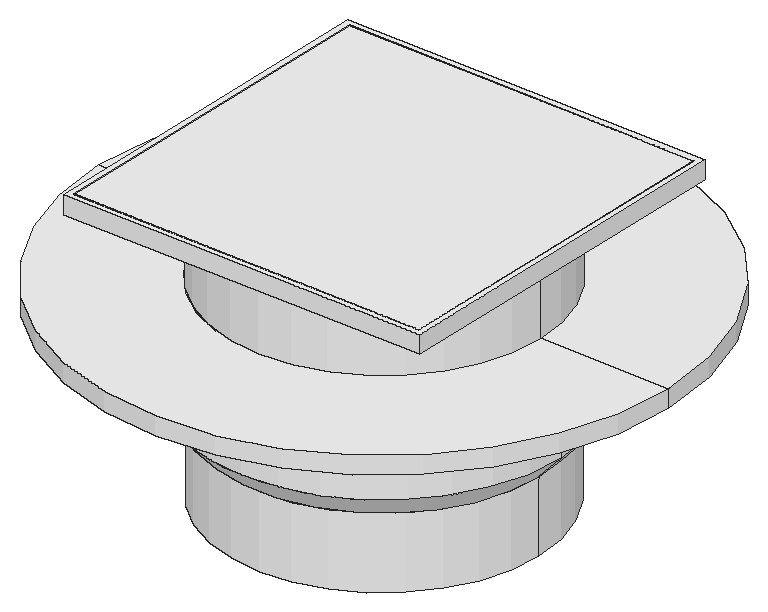
Revit family "Plumbing Fixture-FloorDrain_Mifab_C1100-XS", category Plumbing Fixtures, host Face, Revit 2013
Parameters (values of type "4"")
  WFU = 0
  URL = "WWW.MIFAB.COM"
  Top Assembly Height = 1.250"
  Strainer Radius = Stainer Diameter / 2  # 4.000"
  Stainer Diameter = 8.000"
  Pipe Radius = Pipe Diameter / 2  # 2.000"
  Pipe Diameter = 4.000"
  Model = "C1100-XS"
  Manufacturer = "MIFAB"
  Floor Drain Material = Paint - Sherwin Williams Paint - #952C2A - Bellwood Red
  Description = "FLOOR CLEANOUT WITH HEAVY DUTY SQUARE ADJUSTABLE COVEER AND PLUG"
  Default Elevation = 0.000"
  Body Height = 2.750"
Types (4): name | Pipe Radius | Pipe Diameter
  (no name) | 2.000" | 4.000"
  2" | 1.000" | 2.000"
  3" | 1.500" | 3.000"
  4" | 2.000" | 4.000"
Reference planes (in)
  plane 1 "Center (Front/Back)": y = 0
  plane 2: z = 0
  plane 3 "Center (Left/Right)": x = 0
  plane 4: x = -4
  plane 5: x = 4
  plane 6: z = -4
  plane 7: x = -2
  plane 8: x = 2
  plane 9: z = -1.25
Forms (in)
  Revolve 1, solid, material "Paint - Sherwin Williams Paint - #952C2A - Bellwood Red" <- "Floor Drain Material"
    sketch origin (0, 0, 0) x (1, 0, 0) y (0, 0, 1)
      loop
        line (2.2, -1.82) -> (2.2, -0.25) -> (2.05, -0.25) -> (2.05, -1.9) -> (2.12, -1.9) -> (2.2, -1.82)
      axis (0, -0.25) -> (0, -1.9)
    angle from 0 to 360
  Revolve 2, solid, material "Paint - Sherwin Williams Paint - #952C2A - Bellwood Red" <- "Floor Drain Material"
    sketch origin (0, 0, 0) x (1, 0, 0) y (0, 0, 1)
      loop
        line (2.32, -1.5) -> (2.32, -2.51151) -> (2, -2.86151) -> (2, -4) -> (2.18, -4) -> (2.18, -3) -> (2.5, -2.65) -> (2.5, -1.5) -> (4, -1.5) -> (4, -1.25) -> (2.2, -1.25) -> (2.12, -1.33) -> (2.12, -1.42) -> (2.2, -1.5) -> (2.32, -1.5)
      axis (0, -4) -> (0, -1.25)
    angle from 0 to 360
  Extrusion 3, solid, material "Paint - Sherwin Williams Paint - #952C2A - Bellwood Red" <- "Floor Drain Material"
    sketch origin (0, 0, 0) x (1, 0, 0) y (0, 1, 0)
      loop
        line (-2.5, 2.5) -> (-2.5, -2.5) -> (2.5, -2.5) -> (2.5, 2.5) -> (-2.5, 2.5)
    from 0 to -0.25
  Extrusion 4, void
    sketch origin (0, 0, 0) x (1, 0, 0) y (0, 1, 0)
      loop
        line (-2.42, 2.42) -> (-2.42, -2.42) -> (2.42, -2.42) -> (2.42, 2.42) -> (-2.42, 2.42)
    from 0 to -0.16
  Extrusion 5, solid, material "Paint - Sherwin Williams Paint - #952C2A - Bellwood Red" <- "Floor Drain Material"
    sketch origin (0, 0, 0) x (1, 0, 0) y (0, 1, 0)
      loop
        line (-2.42, 2.42) -> (-2.42, -2.42) -> (2.42, -2.42) -> (2.42, 2.42) -> (-2.42, 2.42)
    from 0 to -0.16
Cuts and joins
  Extrusion 4 cuts Revolve 1
  Extrusion 4 cuts Extrusion 3
  joined: Revolve 1, Extrusion 3
Lines and regions (in)
  symbolic lines
    curve 1: circle (0, 0, 0) r 4 normal (0, 0, 1)
Dimensions and locks (in)
  equal spacing: plane 5, plane 3 "Center (Left/Right)", plane 4
  "Stainer Diameter": plane 5 to plane 4
  "Body Height": plane 9 to plane 6
  equal spacing: plane 8, plane 3 "Center (Left/Right)", plane 7
  "Pipe Diameter": plane 8 to plane 7
  "Top Assembly Height": host face to plane 9
  locked: Revolve 2 sketch curve to Revolve 2 sketch curve at 0.18
  locked: host face to Revolve 1 sketch curve at 0.25
  locked: Extrusion 3 sketch curve to Extrusion 3 sketch curve at 5  (x2)
  equal spacing: Extrusion 3 sketch curve, curve 1, Extrusion 3 sketch curve
  equal spacing: Extrusion 3 sketch curve, plane 3 "Center (Left/Right)", Extrusion 3 sketch curve
  locked: Extrusion 4 sketch curve to Extrusion 4 sketch curve at 4.84  (x2)
  equal spacing: Extrusion 4 sketch curve, plane 3 "Center (Left/Right)", Extrusion 4 sketch curve
  equal spacing: Extrusion 4 sketch curve, plane 1 "Center (Front/Back)", Extrusion 4 sketch curve
  locked: Extrusion 5 sketch curve to Extrusion 5 sketch curve at 4.84  (x2)
  equal spacing: Extrusion 5 sketch curve, plane 3 "Center (Left/Right)", Extrusion 5 sketch curve
  equal spacing: Extrusion 5 sketch curve, plane 1 "Center (Front/Back)", Extrusion 5 sketch curve
  "Strainer Radius": radius of curve 1
  aligned and locked: plane 2 to host face
  aligned and locked: level to host face
  aligned and locked: plane 1 "Center (Front/Back)" to curve 1
  aligned and locked: plane 3 "Center (Left/Right)" to curve 1
  aligned and locked: Revolve 1 sketch curve to plane 3 "Center (Left/Right)"
  aligned and locked: plane 5 to Revolve 2 sketch curve
  aligned and locked: Revolve 2 sketch curve to plane 8
  aligned and locked: Revolve 2 sketch curve to plane 9
  aligned and locked: plane 3 "Center (Left/Right)" to Revolve 2 sketch curve
Automatic sketch dimensions
  host sketch curve to host sketch curve = 96.000"  (x2)
  Revolve 2 sketch curve to plane 6 = 0.000"  (x2)
  Revolve 2 sketch curve to level = 0.000"
  Revolve 2 sketch curve to Revolve 2 sketch curve = 0.080"  (x3)
  Revolve 2 sketch curve to Revolve 2 sketch curve = 0.180"
  Revolve 2 sketch curve to Revolve 2 sketch curve = 1.000"
  Revolve 2 sketch curve to Revolve 2 sketch curve = 0.13849"  (x2)
  plane 6 to Revolve 2 sketch curve = 1.350"
  Revolve 2 sketch curve to plane 9 = 0.250"
  Revolve 2 sketch curve to Revolve 2 sketch curve = 0.000"
  Revolve 2 sketch curve to plane 9 = 0.080"
  Revolve 1 sketch curve to plane 8 = 0.050"
  Revolve 1 sketch curve to plane 9 = 0.650"
  Revolve 1 sketch curve to plane 6 = 0.000"
  Revolve 1 sketch curve to level = 0.000"
  Revolve 1 sketch curve to Revolve 1 sketch curve = 0.070"
  Revolve 1 sketch curve to Revolve 1 sketch curve = 0.080"  (x2)
  Revolve 2 sketch curve to plane 8 = 0.120"
  Revolve 2 sketch curve to plane 8 = 0.320"
  plane 1 "Center (Front/Back)" to curve 1 = 0.000"
  curve 1 to plane 3 "Center (Left/Right)" = 0.000"
Connectors (in)
  piping at (0, 0, -4), driven by "Pipe Radius"
    settings: on Revolve 2, index 1, connector radius 2", flow factor 0, pipe flow 0 GPM, pressure drop 0.00 psi, fitting loss kfactor 0, connector angle 0.00°, fixture units 0, engagement length 0.000", flow configuration 0, flow direction 0, fitting loss method 0, system type 7, joint type 0, gender type 0, connector reference index -1, connector utility 0, adjustable connector no, is connector primary yes, fitting loss table "", connector description ""
